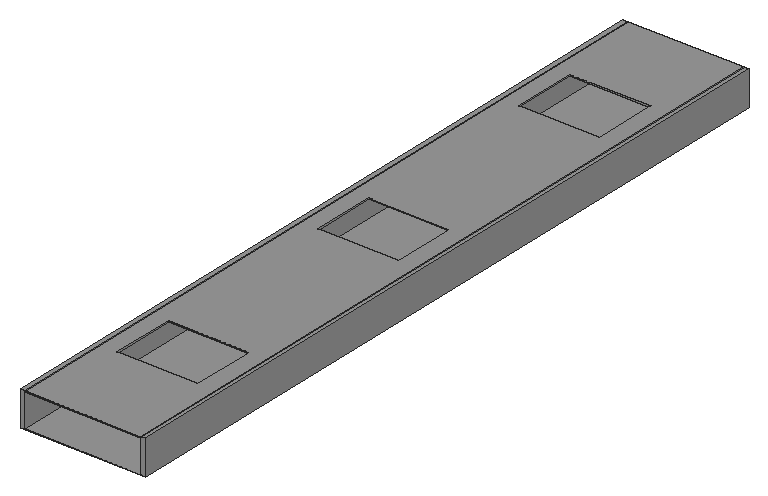
Revit family "OKA-W, Kanaleinheit für GES6, Höhe 60-110mm", category Generic Models, Revit 2015
Parameters (values of type "OKA-W4006050D6")
  Width = 400 mm
  URL = "http://www.obo-bettermann.com"
  Material = Steel, Galvanized
  Manufacturer Art. No. = "7424662"
  Manufacturer = "OBO Bettermann"
  Length [instance] = 2400 mm
  HeightCalc [instance] = if(Height < 60 mm, 60 mm, (if(Height > 110 mm, 110 mm, Height)))  # 110 mm
  Height [instance] = 110 mm
  GTIN = "4012195244752"
  Cut's number = 3
  Article Type = "OKA-W4006050D6"
Reference planes
  plane 1 "Center (Front/Back)": y = 0
  plane 2: z = 0
  plane 3 "Center (Left/Right)": x = 0
  plane 4: z = 110
  plane 5: y = -2400
  plane 6: x = 200
  plane 7: x = -200
Forms (mm)
  Extrusion 1, solid, material "Aluminum 6061"
    sketch origin (0, 0, 0) x (1, 0, 0) y (0, 0, 1)
      loop
        line (185, 110) -> (185, 1) -> (-185, 1) -> (-185, 110) -> (-200, 110) -> (-200, 0) -> (200, 0) -> (200, 110) -> (185, 110)
    from 0 to 2400
  Extrusion 2, solid, material "Steel, Galvanized" <- "Material"
    sketch origin (0, 0, 0) x (1, 0, 0) y (0, 0, 1)
      loop
        line (185, 106) -> (185, 110) -> (-185, 110) -> (-185, 106) -> (185, 106)
    from 0 to 2400
  Extrusion 3, void
    sketch origin (0, 0, 0) x (1, 0, 0) y (0, 1, 0)
      loop
        line (-129.1, -1898.5) -> (-129.1, -2102.5) -> (129.1, -2102.5) -> (129.1, -1898.5) -> (-129.1, -1898.5)
    from 106 to 110
  Extrusion 4, void
    sketch origin (0, 800, 0) x (1, 0, 0) y (0, 1, 0)
      loop
        line (-129.1, -1898.5) -> (-129.1, -2102.5) -> (129.1, -2102.5) -> (129.1, -1898.5) -> (-129.1, -1898.5)
    from 106 to 110
  Extrusion 5, void
    sketch origin (0, 1600, 0) x (1, 0, 0) y (0, 1, 0)
      loop
        line (-129.1, -1898.5) -> (-129.1, -2102.5) -> (129.1, -2102.5) -> (129.1, -1898.5) -> (-129.1, -1898.5)
    from 106 to 110
Cuts and joins
  Extrusion 3 cuts Extrusion 1
  Extrusion 3, Extrusion 4, Extrusion 5 cuts Extrusion 2
Lines and regions (mm)
  model lines
    curve 1: line (-200, 0, 110) -> (-185, 0, 110)
    curve 2: line (-185, 0, 110) -> (-185, 0, 0)
    curve 3: line (-185, 0, 0) -> (-435, 0, 0)
    curve 4: line (-435, 0, 0) -> (-435, 0, 1)
    curve 5: line (-435, 0, 1) -> (-200, 0, 1)
    curve 6: line (-200, 0, 1) -> (-200, 0, 110)
    curve 7: line (185, 0, 110) -> (185, 0, 0)
    curve 8: line (185, 0, 0) -> (435, 0, 0)
    curve 9: line (435, 0, 0) -> (435, 0, 1)
    curve 10: line (435, 0, 1) -> (200, 0, 1)
    curve 11: line (200, 0, 1) -> (200, 0, 110)
    curve 12: line (200, 0, 110) -> (185, 0, 110)
    curve 13: line (185, 0, 110) -> (185, 0, 0)
    curve 14: line (-185, 0, 0) -> (-185, 0, 110)
    curve 15: line (-185, 0, 110) -> (185, 0, 110)
    curve 16: line (-185, 0, 106) -> (185, 0, 106)
Dimensions and locks
  locked: curve 5 to curve 3 at 1
  locked: curve 2 to curve 6 at 15
  locked: curve 10 to curve 8 at 1
  locked: curve 2 to curve 4 at 250
  locked: curve 9 to curve 7 at 250
  locked: curve 11 to curve 7 at 15
  "Length": plane 1 "Center (Front/Back)" to plane 5
  equal spacing: plane 7, plane 3 "Center (Left/Right)", plane 6
  "Width": plane 7 to plane 6
  "HeightCalc": level to plane 4
  locked: curve 16 to curve 15 at 4
  locked: Extrusion 3 sketch curve to Extrusion 3 sketch curve at 258.2
  locked: Extrusion 3 sketch curve to Extrusion 3 sketch curve at 204
  locked: Extrusion 4 sketch curve to Extrusion 4 sketch curve at 258.2
  locked: Extrusion 4 sketch curve to Extrusion 4 sketch curve at 204
  equal spacing: group 1, group 2, group 3  (x3)
  locked: Extrusion 5 sketch curve to Extrusion 5 sketch curve at 258.2
  locked: Extrusion 5 sketch curve to Extrusion 5 sketch curve at 204
  aligned and locked: level to plane 2
  aligned and locked: level to curve 3
  aligned and locked: curve 6 to plane 7
  aligned and locked: curve 11 to plane 6
  aligned and locked: plane 4 to curve 1
  aligned and locked: curve 8 to level
  aligned and locked: Extrusion 1 sketch curve to curve 13
  aligned and locked: Extrusion 1 sketch curve to curve 12
  aligned and locked: Extrusion 1 sketch curve to curve 11
  aligned and locked: Extrusion 1 sketch curve to curve 6
  aligned and locked: curve 14 to Extrusion 1 sketch curve
  aligned and locked: Extrusion 1 sketch curve to curve 1
  aligned and locked: Extrusion 1 to plane 5
  aligned and locked: Extrusion 2 sketch curve to curve 16
  aligned and locked: Extrusion 2 sketch curve to curve 15
  aligned and locked: Extrusion 2 sketch curve to curve 2
  aligned and locked: Extrusion 2 sketch curve to curve 7
  aligned and locked: Extrusion 2 to plane 5
  aligned and locked: curve 5 to Extrusion 1 sketch curve
  aligned and locked: Extrusion 3 to Extrusion 1
  aligned and locked: Extrusion 3 to curve 16
Automatic sketch dimensions
  Extrusion 1 sketch curve to level = 0 mm
